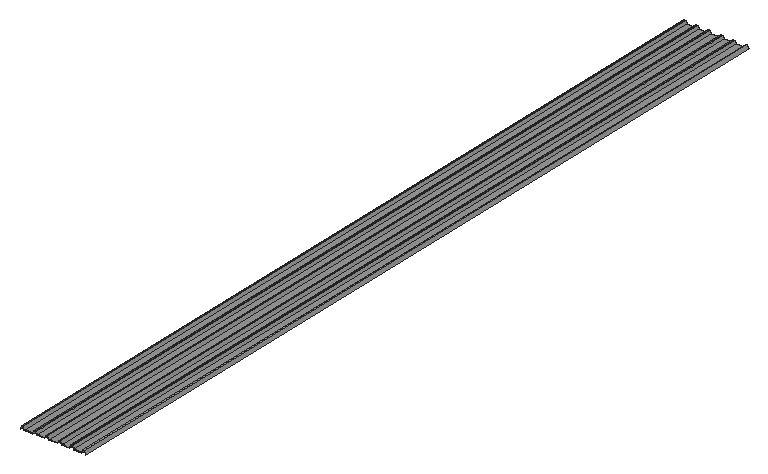
Revit family "Mathiesen Fibromat Forte T940 RFA", category Generic Models, Revit 2017
Family settings
  Can host rebar = No
  Round Connector Dimension = Use Diameter
  Part Type = Normal
  Work Plane-Based = No
  Always vertical = Yes
  Cut with Voids When Loaded = No
  Shared = No
  Room Calculation Point = No
Parameters (values of type "Forte 940 Fibromat Mathiesen Verde")
  ca_altura = 11.80 m
  ca_Web_del_fabricante = "www.construccionmathiesen.cl/"
  ca_Web_del_Representante = "www.construccionmathiesen.cl/"
  ca_Teléfono = "(56 2) 2640 5600"
  ca_Representante = "Mathiesen"
  ca_Producto = "FIBROMAT®"
  ca_Países_de_distribución = "CL,PE, EC, CO, BR, BO, PA, AR, UY, MX,PA,CN,CR,ES"
  ca_Omniclass® = "*"
  ca_Material = Fibromat Mathiesen Verde
  ca_MasterFormat® = "07 41 13"
  ca_Itemizado_CDT = "D 04 05 05"
  ca_Fabricante = "Mathiesen"
  ca_Especificaciones_Técnicas = "Las Cubiertas Industriales FIBROMAT de Mathiesen, le proporcionarán a su cubierta excelentes propiedades termo acústicas disminuyendo la transmisión de ruido y de calor gracias a su estructura en UPVC y PVC espumado, disminuyendo considerablemente el ruido, el calor en verano o frío en invierno, etc.\r\nCaracteristicas de FIBROMAT:\r\nEstabilidad de color\r\nResistencia a cambios de T°\r\nAislante térmico\r\nAislante acústico\r\nResistente a la corrosión\r\nResistencia al fuego\r\nFácil instalación y bajo mantenimiento\r\nResistente a los impactos\r\nTransitable\r\nLa gran cantidad de perfiles, diseños, colores y accesorios hacen de las Cubiertas industriales FIBROMAT un producto ideal para importantes proyectos industriales tales como centros comerciales, naves industriales en; Alimentos, Agropecuarios; Minería, así como en  instalaciones deportivas, bodegas, colegios entre otros."
  ca_Código_Catálogo_Arquitectura = "283_MTS_002"
  ca_Creado_por = "Catálogo arquitectura"
  ca_Contacto = "chile@grupomathiesen.com"
  ca_Certificaciones = "*"
Types (7, lengths in m): name | ca_Material
  (no name) | Fibromat Mathiesen Verde
  Forte 940 Fibromat Mathiesen Blanco | Fibromat Mathiesen Blanco
  Forte 940 Fibromat Mathiesen Rojo | Fibromat Mathiesen Rojo
  Forte 940 Fibromat Mathiesen Terracota | Fibromat Mathiesen Terracota
  Forte 940 Fibromat Mathiesen Azul | Fibromat Mathiesen Azul
  Forte 940 Fibromat Mathiesen Verde | Fibromat Mathiesen Verde
  Forte 940 Fibromat Mathiesen Amarillo | Fibromat Mathiesen Amarillo
Reference planes (m)
  plane 1 "Center (Front/Back)": y = 0
  plane 2: z = 0
  plane 3 "Center (Left/Right)": x = 0
  plane 4: y = 5.9
  plane 5: y = -5.9
Forms (m)
  Extrusion 1, solid, material "Fibromat Mathiesen Verde" <- "ca_Material"
    sketch origin (0, 0, 0) x (1, 0, 0) y (0, 0, 1)
      loop
        line (0.429462, 0.037) -> (0.450538, 0.037) -> (0.466725, 0) -> (0.47, 0) -> (0.4525, 0.04) -> (0.4275, 0.04) -> (0.411313, 0.003) -> (0.292688, 0.003) -> (0.2765, 0.04) -> (0.2515, 0.04) -> (0.235313, 0.003) -> (0.116688, 0.003) -> (0.1005, 0.04) -> (0.0755, 0.04) -> (0.059313, 0.003) -> (-0.059312, 0.003) -> (-0.0755, 0.04) -> (-0.1005, 0.04) -> (-0.116687, 0.003) -> (-0.235312, 0.003) -> (-0.2515, 0.04) -> (-0.2765, 0.04) -> (-0.292687, 0.003) -> (-0.411312, 0.003) -> (-0.4275, 0.04) -> (-0.4525, 0.04) -> (-0.47, 0) -> (-0.466725, 0) -> (-0.450538, 0.037) -> (-0.429462, 0.037) -> (-0.413275, 0) -> (-0.290725, 0) -> (-0.274538, 0.037) -> (-0.253462, 0.037) -> (-0.237275, 0) -> (-0.114725, 0) -> (-0.098538, 0.037) -> (-0.077462, 0.037) -> (-0.061275, 0) -> (0.061275, 0) -> (0.077462, 0.037) -> (0.098538, 0.037) -> (0.114725, 0) -> (0.237275, 0) -> (0.253462, 0.037) -> (0.274538, 0.037) -> (0.290725, 0) -> (0.413275, 0) -> (0.429462, 0.037)
    from -5.9 to 5.9
Text (m)
  text "27" at (8.617355, 0, 3.401918), in view "Front"
  text "840" at (9.083188, 0, 3.342326), in view "Front"
  text "210" at (8.768188, 0, 3.360436), in view "Front"
  text "900" at (9.083188, 0, 3.322906), in view "Front"
  text "210" at (8.978188, 0, 3.360436), in view "Front"
  text "210" at (9.188188, 0, 3.360436), in view "Front"
  text "210" at (9.398188, 0, 3.360436), in view "Front"
  text "1050" at (5.871531, 0, 1.338104), in view "Front"
  text "1000" at (5.871531, 0, 1.360195), in view "Front"
  text "333,5" at (5.538281, 0, 1.381858), in view "Front"
  text "333" at (5.871781, 0, 1.380957), in view "Front"
  text "333,5" at (6.205281, 0, 1.381858), in view "Front"
  text "50" at (5.31776, 0, 1.469229), in view "Front"
  text "940" at (9.253675, 0, 0.839076), in view "Front"
  text "880" at (9.253675, 0, 0.85982), in view "Front"
  text "176" at (8.901675, 0, 0.885253), in view "Front"
  text "176" at (9.077675, 0, 0.885253), in view "Front"
  text "176" at (9.253675, 0, 0.885253), in view "Front"
  text "176" at (9.429675, 0, 0.885253), in view "Front"
  text "176" at (9.605675, 0, 0.885253), in view "Front"
  text "40" at (8.76032, 0, 0.946016), in view "Front"
  text "27" at (8.617355, 0, -2.513821), in view "Front"
  text "840" at (9.083188, 0, -2.573413), in view "Front"
  text "210" at (8.768188, 0, -2.555303), in view "Front"
  text "900" at (9.083188, 0, -2.592833), in view "Front"
  text "210" at (8.978188, 0, -2.555303), in view "Front"
  text "210" at (9.188188, 0, -2.555303), in view "Front"
  text "210" at (9.398188, 0, -2.555303), in view "Front"
  text "1050" at (5.871531, 0, -4.577635), in view "Front"
  text "1000" at (5.871531, 0, -4.555544), in view "Front"
  text "333,5" at (5.538281, 0, -4.533881), in view "Front"
  text "333" at (5.871781, 0, -4.534782), in view "Front"
  text "333,5" at (6.205281, 0, -4.533881), in view "Front"
  text "50" at (5.31776, 0, -4.44651), in view "Front"
  text "940" at (9.253675, 0, -5.076663), in view "Front"
  text "880" at (9.253675, 0, -5.055919), in view "Front"
  text "176" at (8.901675, 0, -5.030486), in view "Front"
  text "176" at (9.077675, 0, -5.030486), in view "Front"
  text "176" at (9.253675, 0, -5.030486), in view "Front"
  text "176" at (9.429675, 0, -5.030486), in view "Front"
  text "176" at (9.605675, 0, -5.030486), in view "Front"
  text "40" at (8.76032, 0, -4.969723), in view "Front"
Dimensions and locks (m)
  equal spacing: plane 4, plane 1 "Center (Front/Back)", plane 5
  "ca_altura": plane 4 to plane 5
  aligned and locked: plane 2 to level
  aligned and locked: plane 5 to Extrusion 1
  aligned and locked: plane 4 to Extrusion 1
Automatic sketch dimensions
  Extrusion 1 sketch curve to Extrusion 1 sketch curve = 0.003275 m  (x2)
  Extrusion 1 sketch curve to Extrusion 1 sketch curve = 0.014225 m
  Extrusion 1 sketch curve to Extrusion 1 sketch curve = 0.001962 m  (x22)
  Extrusion 1 sketch curve to Extrusion 1 sketch curve = 0.021076 m  (x6)
  Extrusion 1 sketch curve to Extrusion 1 sketch curve = 0.016188 m  (x10)
  Extrusion 1 sketch curve to Extrusion 1 sketch curve = 0.118625 m  (x5)
  Extrusion 1 sketch curve to Extrusion 1 sketch curve = 0.016187 m
  Extrusion 1 sketch curve to Extrusion 1 sketch curve = 0.00 m  (x4)
  Extrusion 1 sketch curve to Extrusion 1 sketch curve = 0.003 m  (x11)
  Extrusion 1 sketch curve to Extrusion 1 sketch curve = 0.034 m  (x5)
  Extrusion 1 sketch curve to Extrusion 1 sketch curve = 0.037 m  (x3)
  Extrusion 1 sketch curve to plane 3 "Center (Left/Right)" = 0.47 m
  level to Extrusion 1 sketch curve = 0.04 m
